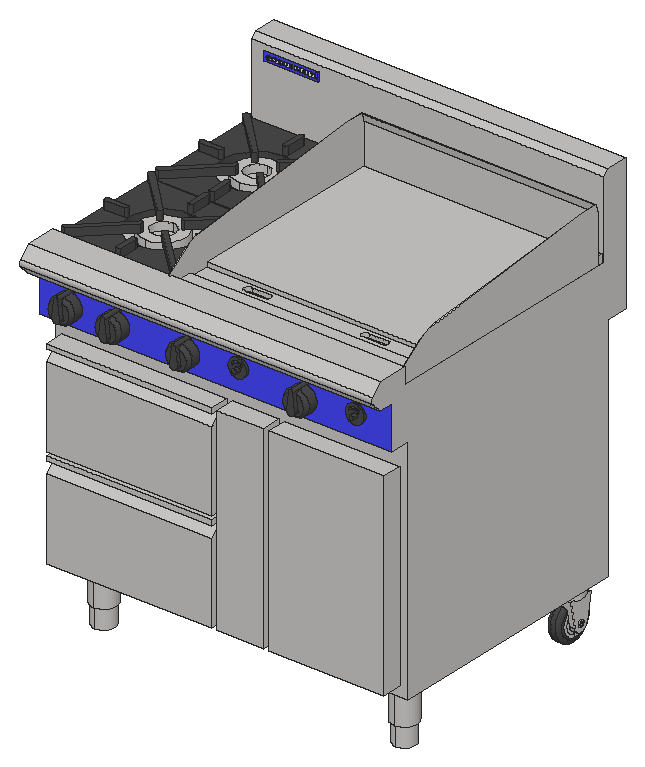
Revit family "QF_MOFFAT_BLUESEAL_CE_G516B-RB", category Specialty Equipment, Revit 2012
Parameters
  Weight in Pounds = 396  # constant formula
  Width [instance] = 900.00 mm  # constant formula
  Watts = 250 W
  Volts = 230 V
  URL Cutsheet = "www.moffat.com"
  URL = "www.moffat.com"
  Type Mark [instance] = ""
  Status [instance] = ""
  Specification by User [instance] = ""
  Specification by Manufacturer = ""
  Show Logo [instance] = yes
  Show Door [instance] = no
  Show Clearance [instance] = yes
  Show Casters [instance] = yes
  Serial Number = ""
  Seismic Rating = ""
  SMACNA No = ""
  Revision Code [instance] = ""
  Refrigerant Type = "R134a"
  Phase = 1
  Omniclass Number and Title = ""
  Number of Poles = 1
  NAFEM Spec ID Number = ""
  Model = "G516B-RB"
  Min Ckt Ampacity = 0 A
  Mechanical Remarks = ""
  Mechanical Connection Type = ""
  Max Overcurrent Protection = 0 A
  Masterspec = ""
  Manufacturer = "MOFFAT BLUESEAL"
  Legs [instance] = not(Show Casters)  # no
  Item Number [instance] = ""
  Installed By [instance] = ""
  Identify Quantity as Lot [instance] = yes
  HP = ""
  Gas Size = 3/4"
  Gas RI Height = 0.00 mm
  Gas KW = 26
  Gas Input = 89000.0 Btu/h
  Gas Connection Height = 0.00 mm
  Furnished By [instance] = ""
  Foodservice Equipment Identifier [instance] = yes
  FL Amps = 1.8 A
  Elec Conn RI Height = 0.00 mm
  Elec Conn Connection Height = 0.00 mm
  Drawer Clearance [instance] = and(Show Clearance, and(Drawer))  # yes
  Drawer [instance] = not(Show Door)  # yes
  Door Clearance [instance] = and(Show Clearance, and(Show Door))  # no
  Description = "900MM GAS COOK TOP ON REFRIGERATED BASE"
  Depth [instance] = 812.00 mm  # constant formula
  Cycle = 50 Hz
  Conn Plug = ""
  Conn Conduit = yes
  CSI MasterFormat = ""
  CSI Master Format = ""
  Back Splash [instance] = 215.00 mm  # constant formula
  Apparent Power = if(Phase = 3, Volts * FL Amps * 1.73, Volts * FL Amps)  # 414 VA
Reference planes
  plane 1 "BACK": y = 0
  plane 2: z = 0
  plane 3 "LEFT": x = 0
  plane 4 "RIGHT": x = 900
  plane 5 "FRONT": y = -812
  plane 6 "TOP": z = 970
  plane 7 "Center Y": x = 450
  plane 8 "Center X": y = -406
  plane 9 "Base Height": z = 150
  plane 10: z = 915
  plane 11: x = 65
  plane 12: x = 834
  plane 13: y = -625
  plane 14: x = 770
  plane 15: z = 655
  plane 16: y = -32
  plane 17: x = 617
  plane 18: z = 402
  plane 19: z = 1085
  plane 20: y = -100
Forms (mm)
  Extrusion 1, solid, material "QF_Finishes_Stainless Steel"
    sketch origin (0, 0, 0) x (0, 1, 0) y (0, 0, 1)
      loop
        line (-697, 150) -> (-57, 150) -> (-57, 740) -> (0, 740) -> (0, 1085) -> (-57.5, 1085) -> (-70, 1072.5) -> (-70, 875) -> (-705, 875) -> (-705, 915) -> (-783.97, 915) -> (-808.485, 890.485)
        arc (-808.485, 890.485) -> (-811.999, 882) -> (-808.485, 873.515) r 12
        line (-808.485, 873.515) -> (-784.97, 850) -> (-749, 850) -> (-749, 740) -> (-697, 740) -> (-697, 150)
    from 0 to 900
  Revolve 2, solid, material "QF_Finishes_Stainless Steel", visible <- "Legs"
    sketch origin (834, -210, 0) x (0, 1, 0) y (0, 0, -1)
      loop
        line (78.25, -150) -> (110, -150) -> (110, 0) -> (82.5, 0) -> (82.5, -50) -> (78.25, -50) -> (78.25, -150)
      axis (110, -150) -> (110, 0)
    angle from 0 to 360
  Revolve 3, solid, material "QF_Finishes_Stainless Steel"
    sketch origin (834, -735, 0) x (0, 1, 0) y (0, 0, -1)
      loop
        line (78.25, -150) -> (110, -150) -> (110, 0) -> (82.5, 0) -> (82.5, -50) -> (78.25, -50) -> (78.25, -150)
      axis (110, -150) -> (110, 0)
    angle from 0 to 360
  Revolve 4, solid, material "QF_Finishes_Stainless Steel", visible <- "Legs"
    sketch origin (65, -210, 0) x (0, 1, 0) y (0, 0, -1)
      loop
        line (78.25, -150) -> (110, -150) -> (110, 0) -> (82.5, 0) -> (82.5, -50) -> (78.25, -50) -> (78.25, -150)
      axis (110, -150) -> (110, 0)
    angle from 0 to 360
  Revolve 5, solid, material "QF_Finishes_Stainless Steel"
    sketch origin (65, -735, 0) x (0, 1, 0) y (0, 0, -1)
      loop
        line (78.25, -150) -> (110, -150) -> (110, 0) -> (82.5, 0) -> (82.5, -50) -> (78.25, -50) -> (78.25, -150)
      axis (110, -150) -> (110, 0)
    angle from 0 to 360
  Revolve 6, solid, material "QF_Finishes_Black"
    sketch origin (89.687, 0, 599.987) x (0, 1, 0) y (0, 0, -1)
      loop
        line (-789, -229.5) -> (-766, -229.5) -> (-766, -202) -> (-756, -202) -> (-756, -197) -> (-800, -197) -> (-800, -223.651) -> (-789, -229.5)
      axis (-800, -197) -> (-756, -197)
    angle from 0 to 360
  Extrusion 7, solid, material "QF_Finishes_Black"
    sketch origin (227.957, 0, 600.145) x (-1, 0, 0) y (0, 0, -1)
      loop
        line (127.85, -186.037) -> (133.271, -228.955)
        arc (133.271, -228.955) -> (138.27, -233.842) -> (143.268, -228.955) r 5
        line (143.268, -228.955) -> (148.757, -184.87)
        arc (148.757, -184.87) -> (137.685, -174.371) -> (127.85, -186.037) r 10.487
    from 759 to 808
  Extrusion 8, solid, material "QF_Finishes_Stainless Steel"
    sketch origin (0, -699, 685) x (1, 0, 0) y (0, -1, 0)
      loop
        circle (770, -667) r 13.5
    from -55 to 30
  Extrusion 9, solid, material "QF_Finishes_Stainless Steel"
    sketch origin (0, -57, 685) x (0, 0, 1) y (1, 0, 0)
      loop
        circle (-265, 620) r 13.5
    from 0 to 3.18
  Revolve 10, solid, material "QF_Finishes_Stainless Steel", visible <- "Show Casters"
    sketch origin (485.423, -100.755, -12.798) x (1, 0, 0) y (0, 0, 1)
      loop
        line (314.841, 63.604) -> (383.584, 63.604) -> (383.584, 67.109) -> (382.314, 68.379) -> (380.79, 68.379) -> (380.79, 71.826) -> (368.644, 71.826) -> (368.644, 81.79) -> (365.088, 83.843) -> (363.738, 92.179) -> (365.881, 92.179) -> (365.881, 98.529) -> (365.088, 98.529) -> (365.088, 104.879)
        arc (365.088, 104.879) -> (362.298, 111.614) -> (355.563, 114.404) r 9.525
        line (355.563, 114.404) -> (342.863, 114.404)
        arc (342.863, 114.404) -> (336.127, 111.614) -> (333.338, 104.879) r 9.525
        line (333.338, 104.879) -> (333.338, 98.529) -> (332.544, 98.529) -> (332.544, 92.179) -> (334.687, 92.179) -> (333.352, 83.932) -> (329.782, 81.871) -> (329.782, 71.826) -> (317.635, 71.826) -> (317.635, 68.379) -> (316.111, 68.379) -> (314.841, 67.109) -> (314.841, 63.604)
      axis (314.841, 63.604) -> (383.584, 63.604)
    angle from 0 to 360
  Extrusion 11, solid, material "QF_Finishes_Stainless Steel", visible <- "Show Casters"
    sketch origin (841.147, 132.353, -9.137) x (0, 1, 0) y (0, 0, 1)
      loop
        line (-200.603, 118.783) -> (-264.103, 118.783) -> (-251.746, 53.895)
        arc (-251.746, 53.895) -> (-232.353, 38.783) -> (-212.959, 53.895) r 20
        line (-212.959, 53.895) -> (-200.603, 118.783)
    from -35.667 to 22.923
  Revolve 12, solid, material "QF_Finishes_Stainless Steel", visible <- "Show Casters"
    sketch origin (834.646, -204, -0.354) x (0, 1, 0) y (0, 0, 1)
      loop
        line (68.25, 150) -> (68.25, 110) -> (104, 110) -> (104, 150) -> (68.25, 150)
      axis (104, 150) -> (104, 110)
    angle from 0 to 360
  Revolve 13, solid, material "QF_Finishes_Stainless Steel", visible <- "Show Casters"
    sketch origin (-283.577, -100.755, -12.798) x (1, 0, 0) y (0, 0, 1)
      loop
        line (314.841, 63.604) -> (383.584, 63.604) -> (383.584, 67.109) -> (382.314, 68.379) -> (380.79, 68.379) -> (380.79, 71.826) -> (368.644, 71.826) -> (368.644, 81.79) -> (365.088, 83.843) -> (363.738, 92.179) -> (365.881, 92.179) -> (365.881, 98.529) -> (365.088, 98.529) -> (365.088, 104.879)
        arc (365.088, 104.879) -> (362.298, 111.614) -> (355.563, 114.404) r 9.525
        line (355.563, 114.404) -> (342.863, 114.404)
        arc (342.863, 114.404) -> (336.127, 111.614) -> (333.338, 104.879) r 9.525
        line (333.338, 104.879) -> (333.338, 98.529) -> (332.544, 98.529) -> (332.544, 92.179) -> (334.687, 92.179) -> (333.352, 83.932) -> (329.782, 81.871) -> (329.782, 71.826) -> (317.635, 71.826) -> (317.635, 68.379) -> (316.111, 68.379) -> (314.841, 67.109) -> (314.841, 63.604)
      axis (314.841, 63.604) -> (383.584, 63.604)
    angle from 0 to 360
  Extrusion 14, solid, material "QF_Finishes_Stainless Steel", visible <- "Show Casters"
    sketch origin (72.147, 132.353, -9.137) x (0, 1, 0) y (0, 0, 1)
      loop
        line (-200.603, 118.783) -> (-264.103, 118.783) -> (-251.746, 53.895)
        arc (-251.746, 53.895) -> (-232.353, 38.783) -> (-212.959, 53.895) r 20
        line (-212.959, 53.895) -> (-200.603, 118.783)
    from -35.667 to 22.923
  Revolve 15, solid, material "QF_Finishes_Stainless Steel", visible <- "Show Casters"
    sketch origin (65.646, -204, -0.354) x (0, 1, 0) y (0, 0, 1)
      loop
        line (68.25, 150) -> (68.25, 110) -> (104, 110) -> (104, 150) -> (68.25, 150)
      axis (104, 150) -> (104, 110)
    angle from 0 to 360
  Revolve 16, solid, material "QF_Finishes_Black"
    sketch origin (210, 0, 600) x (0, 1, 0) y (0, 0, -1)
      loop
        line (-789, -229.5) -> (-766, -229.5) -> (-766, -202) -> (-756, -202) -> (-756, -197) -> (-800, -197) -> (-800, -223.651) -> (-789, -229.5)
      axis (-800, -197) -> (-756, -197)
    angle from 0 to 360
  Extrusion 17, solid, material "QF_Finishes_Black"
    sketch origin (348.27, 0, 600.158) x (-1, 0, 0) y (0, 0, -1)
      loop
        line (127.85, -186.037) -> (133.271, -228.955)
        arc (133.271, -228.955) -> (138.27, -233.842) -> (143.268, -228.955) r 5
        line (143.268, -228.955) -> (148.757, -184.87)
        arc (148.757, -184.87) -> (137.685, -174.371) -> (127.85, -186.037) r 10.487
    from 759 to 808
  Revolve 18, solid, material "QF_Finishes_Black"
    sketch origin (389.769, 0, 600) x (0, 1, 0) y (0, 0, -1)
      loop
        line (-789, -229.5) -> (-766, -229.5) -> (-766, -202) -> (-756, -202) -> (-756, -197) -> (-800, -197) -> (-800, -223.651) -> (-789, -229.5)
      axis (-800, -197) -> (-756, -197)
    angle from 0 to 360
  Extrusion 19, solid, material "QF_Finishes_Black"
    sketch origin (528.038, 0, 600.158) x (-1, 0, 0) y (0, 0, -1)
      loop
        line (127.85, -186.037) -> (133.271, -228.955)
        arc (133.271, -228.955) -> (138.27, -233.842) -> (143.268, -228.955) r 5
        line (143.268, -228.955) -> (148.757, -184.87)
        arc (148.757, -184.87) -> (137.685, -174.371) -> (127.85, -186.037) r 10.487
    from 759 to 808
  Revolve 20, solid, material "QF_Finishes_Black"
    sketch origin (689.769, 0, 600) x (0, 1, 0) y (0, 0, -1)
      loop
        line (-789, -229.5) -> (-766, -229.5) -> (-766, -202) -> (-756, -202) -> (-756, -197) -> (-800, -197) -> (-800, -223.651) -> (-789, -229.5)
      axis (-800, -197) -> (-756, -197)
    angle from 0 to 360
  Extrusion 21, solid, material "QF_Finishes_Black"
    sketch origin (828.038, 0, 600.158) x (-1, 0, 0) y (0, 0, -1)
      loop
        line (127.85, -186.037) -> (133.271, -228.955)
        arc (133.271, -228.955) -> (138.27, -233.842) -> (143.268, -228.955) r 5
        line (143.268, -228.955) -> (148.757, -184.87)
        arc (148.757, -184.87) -> (137.685, -174.371) -> (127.85, -186.037) r 10.487
    from 759 to 808
  Extrusion 22, solid, material "QF_Finishes_Black"
    sketch origin (0, -749, 866) x (0, 0, -1) y (1, 0, 0)
      loop
        circle (69, 510) r 23.9
      loop
        arc (57.701, 524.079) -> (51.116, 509.341) -> (58.919, 495.209) r 18.095
        arc (58.919, 495.209) -> (63.641, 496.491) -> (62.326, 501.204) r 3.448
        arc (62.326, 501.204) -> (58.758, 509.683) -> (61.641, 518.419) r 13.109
        arc (61.641, 518.419) -> (62.501, 523.219) -> (57.701, 524.079) r 3.448
      loop
        circle (69, 810) r 23.9
      loop
        arc (57.701, 824.079) -> (51.116, 809.341) -> (58.919, 795.209) r 18.095
        arc (58.919, 795.209) -> (63.641, 796.491) -> (62.326, 801.204) r 3.448
        arc (62.326, 801.204) -> (58.758, 809.683) -> (61.641, 818.419) r 13.109
        arc (61.641, 818.419) -> (62.501, 823.219) -> (57.701, 824.079) r 3.448
    from 0 to 5
  Extrusion 23, solid, material "QF_Finishes_Black"
    sketch origin (0, -754, 866) x (0, 0, -1) y (1, 0, 0)
      loop
        circle (72.5, 510) r 5.75
      loop
        circle (72.5, 810) r 5.75
    from 0 to 10
  Extrusion 24, solid, material "QF_Finishes_Stainless Steel"
    sketch origin (0, 0, 0) x (0, 1, 0) y (0, 0, 1)
      loop
        line (-699, 678) -> (-747, 678) -> (-747, 665) -> (-715.13, 665) -> (-749, 636.579) -> (-749, 431) -> (-699, 431) -> (-699, 678)
      loop
        line (-749, 175) -> (-699, 175) -> (-699, 421) -> (-747, 421) -> (-747, 408) -> (-715.13, 408) -> (-749, 379.579) -> (-749, 175)
    from 17.986 to 440
  Extrusion 25, solid, material "QF_Finishes_Stainless Steel"
    sketch origin (723.5, 0, 0) x (0, 1, 0) y (0, 0, 1)
      loop
        line (-699, 678) -> (-749, 678) -> (-749, 175) -> (-699, 175) -> (-699, 678)
    from -270.5 to -150.5
  Extrusion 26, solid, material "QF_Door-Drawer Clearances", visible <- "Show Clearance", detail levels coarse
    sketch origin (0, -749, 676) x (0, 0, -1) y (1, 0, 0)
      loop
        line (501, 440) -> (255, 440) -> (255, 17.986) -> (501, 17.986) -> (501, 440)
      loop
        line (245, 440) -> (-2, 440) -> (-2, 17.986) -> (245, 17.986) -> (245, 440)
    from 0 to 304.8
  Extrusion 27, solid, material "QF_Finishes_Stainless Steel"
    sketch origin (1031.5, 0, 0) x (0, 1, 0) y (0, 0, 1)
      loop
        line (-699, 678) -> (-749, 678) -> (-749, 175) -> (-699, 175) -> (-699, 678)
    from -444.5 to -150.5
Lines and regions (mm)
  Split face 1
    outline origin (0, 612.322, 1085) x (0, -1, 0) y (1, 0, 0)
      loop
        arc (657.707, 566) -> (652.707, 574.66) -> (642.707, 574.66) r 10
        line (642.707, 574.66) -> (635.707, 570.619)
        arc (635.707, 570.619) -> (632.047, 566.959) -> (630.707, 561.959) r 10
        line (630.707, 561.959) -> (630.707, 334)
        arc (630.707, 334) -> (635.707, 325.34) -> (645.707, 325.34) r 10
        line (645.707, 325.34) -> (652.707, 329.381)
        arc (652.707, 329.381) -> (656.368, 333.041) -> (657.707, 338.041) r 10
        line (657.707, 338.041) -> (657.707, 566)
  Split face 2
    outline origin (0, 612.322, 1085) x (0, -1, 0) y (1, 0, 0)
      loop
        arc (630.707, 624) -> (635.707, 615.34) -> (645.707, 615.34) r 10
        line (645.707, 615.34) -> (652.707, 619.381)
        arc (652.707, 619.381) -> (656.368, 623.041) -> (657.707, 628.041) r 10
        line (657.707, 628.041) -> (657.707, 856)
        arc (657.707, 856) -> (652.707, 864.66) -> (642.707, 864.66) r 10
        line (642.707, 864.66) -> (635.707, 860.619)
        arc (635.707, 860.619) -> (632.047, 856.959) -> (630.707, 851.959) r 10
        line (630.707, 851.959) -> (630.707, 624)
  Split face 3
    outline origin (0, 612.322, 1085) x (0, -1, 0) y (1, 0, 0)
      loop
        arc (657.707, 276) -> (652.707, 284.66) -> (642.707, 284.66) r 10
        line (642.707, 284.66) -> (635.707, 280.619)
        arc (635.707, 280.619) -> (632.047, 276.959) -> (630.707, 271.959) r 10
        line (630.707, 271.959) -> (630.707, 44)
        arc (630.707, 44) -> (635.707, 35.34) -> (645.707, 35.34) r 10
        line (645.707, 35.34) -> (652.707, 39.381)
        arc (652.707, 39.381) -> (656.368, 43.041) -> (657.707, 48.041) r 10
        line (657.707, 48.041) -> (657.707, 276)
  Split face 4
    outline origin (1031.5, -749, 676) x (0, 0, -1) y (1, 0, 0)
      loop
        line (291.62, -416.534) -> (481.62, -416.534) -> (481.62, -181.534) -> (291.62, -181.534) -> (291.62, -416.534)
  Split face 5
    outline origin (1031.5, -749, 931) x (0, 0, -1) y (1, 0, 0)
      loop
        line (291.62, -416.534) -> (356.62, -416.534) -> (356.62, -181.534) -> (291.62, -181.534) -> (291.62, -416.534)
  Split face 6
    outline origin (1031.5, -749, 807.725) x (0, 0, -1) y (1, 0, 0)
      loop
        line (307.841, -274.649) -> (342.841, -274.649) -> (342.841, -219.649) -> (307.841, -219.649) -> (307.841, -274.649)
  Split face 7
    outline origin (939.097, -749, 808.536) x (0, 0, -1) y (1, 0, 0)
      loop
        line (307.841, -274.649) -> (342.841, -274.649) -> (342.841, -239.649) -> (307.841, -239.649) -> (307.841, -274.649)
  symbolic lines
    curve 1: line (0, 0, 0) -> (0, -812, 0)
    curve 2: line (900, 0, 0) -> (0, 0, 0)
    curve 3: line (900, -812, 0) -> (900, 0, 0)
    curve 4: line (0, -812, 0) -> (900, -812, 0)
    curve 13: line (0, -783.97, 0) -> (900, -783.97, 0)
    curve 14: line (0, -70, 0) -> (900, -70, 0)
    curve 15: line (334, -18.385, 0) -> (561.959, -18.385, 0)
    curve 16: arc (561.959, -18.385, 0) -> (566.959, -19.725, 0) -> (570.619, -23.385, 0) r 10
    curve 17: line (570.619, -23.385, 0) -> (574.66, -30.385, 0)
    curve 18: arc (574.66, -30.385, 0) -> (574.66, -40.385, 0) -> (566, -45.385, 0) r 10
    curve 19: line (566, -45.385, 0) -> (338.041, -45.385, 0)
    curve 20: arc (338.041, -45.385, 0) -> (333.041, -44.045, 0) -> (329.381, -40.385, 0) r 10
    curve 21: line (329.381, -40.385, 0) -> (325.34, -33.385, 0)
    curve 22: arc (325.34, -33.385, 0) -> (325.34, -23.385, 0) -> (334, -18.385, 0) r 10
    curve 23: line (44, -18.385, 0) -> (271.959, -18.385, 0)
    curve 24: arc (271.959, -18.385, 0) -> (276.959, -19.725, 0) -> (280.619, -23.385, 0) r 10
    curve 25: line (280.619, -23.385, 0) -> (284.66, -30.385, 0)
    curve 26: arc (284.66, -30.385, 0) -> (284.66, -40.385, 0) -> (276, -45.385, 0) r 10
    curve 27: line (276, -45.385, 0) -> (48.041, -45.385, 0)
    curve 28: arc (48.041, -45.385, 0) -> (43.041, -44.045, 0) -> (39.381, -40.385, 0) r 10
    curve 29: line (39.381, -40.385, 0) -> (35.34, -33.385, 0)
    curve 30: arc (35.34, -33.385, 0) -> (35.34, -23.385, 0) -> (44, -18.385, 0) r 10
    curve 31: line (624, -18.385, 0) -> (851.959, -18.385, 0)
    curve 32: arc (851.959, -18.385, 0) -> (856.959, -19.725, 0) -> (860.619, -23.385, 0) r 10
    curve 33: line (860.619, -23.385, 0) -> (864.66, -30.385, 0)
    curve 34: arc (864.66, -30.385, 0) -> (864.66, -40.385, 0) -> (856, -45.385, 0) r 10
    curve 35: line (856, -45.385, 0) -> (628.041, -45.385, 0)
    curve 36: arc (628.041, -45.385, 0) -> (623.041, -44.045, 0) -> (619.381, -40.385, 0) r 10
    curve 37: line (619.381, -40.385, 0) -> (615.34, -33.385, 0)
    curve 38: arc (615.34, -33.385, 0) -> (615.34, -23.385, 0) -> (624, -18.385, 0) r 10
    curve 39: line (0, -57.5, 0) -> (900, -57.5, 0)
  symbolic lines, style "SpecialityEquipmentHiddenLines", visible <- "Show Casters"
    curve 5: line (875.952, -62.61, 0) -> (825.152, -150.598, 0)
    curve 6: line (848.456, -46.735, 0) -> (875.952, -62.61, 0)
    curve 7: line (797.656, -134.723, 0) -> (848.456, -46.735, 0)
    curve 8: line (825.152, -150.598, 0) -> (797.656, -134.723, 0)
    curve 9: line (106.952, -62.61, 0) -> (56.152, -150.598, 0)
    curve 10: line (79.456, -46.735, 0) -> (106.952, -62.61, 0)
    curve 11: line (28.656, -134.723, 0) -> (79.456, -46.735, 0)
    curve 12: line (56.152, -150.598, 0) -> (28.656, -134.723, 0)
  symbolic lines, style "QF_Door-Drawer Clearances"
    curve 40: line (17.986, -1053.8, 0) -> (440, -1053.8, 0)
    curve 41: line (440, -1053.8, 0) -> (440, -812, 0)
    curve 42: line (17.986, -1053.8, 0) -> (17.986, -812, 0)
Dimensions and locks
  equal spacing: plane 3 "LEFT", plane 7 "Center Y", plane 4 "RIGHT"
  "Width": plane 3 "LEFT" to plane 4 "RIGHT"
  equal spacing: plane 5 "FRONT", plane 8 "Center X", plane 1 "BACK"
  "Depth": plane 5 "FRONT" to plane 1 "BACK"
  locked: plane 10 to level at 915
  locked: plane 9 "Base Height" to level at 150
  plane 6 "TOP" to plane 10 = 55.00 mm
  plane 12 to plane 11 = 769.00 mm
  plane 6 "TOP" to level = 970.00 mm
  plane 14 to plane 4 "RIGHT" = 130.00 mm
  plane 15 to level = 655.00 mm
  plane 16 to plane 1 "BACK" = 32.00 mm
  plane 17 to plane 4 "RIGHT" = 283.00 mm
  plane 18 to level = 402.00 mm
  plane 19 to plane 2 = 1085.00 mm
  Revolve 10 sketch curve to Revolve 10 sketch curve = 50.80 mm
  Revolve 13 sketch curve to Revolve 13 sketch curve = 50.80 mm
  plane 2 to Extrusion 9 sketch curve = 420.00 mm
  aligned and locked: level to plane 2
Automatic sketch dimensions
  curve 1 to plane 3 "LEFT" = 0.00 mm
  plane 1 "BACK" to curve 3 = 0.00 mm
  curve 3 to plane 4 "RIGHT" = 0.00 mm
  plane 3 "LEFT" to curve 11 = 28.656 mm
  curve 30 to plane 16 = 1.385 mm
  curve 30 to plane 11 = 29.66 mm
  curve 30 to curve 28 = 4.041 mm
  plane 16 to curve 30 = 13.615 mm
  curve 30 to curve 30 = 8.66 mm
  curve 28 to curve 28 = 8.66 mm
  curve 9 to plane 11 = 8.848 mm
  plane 11 to curve 11 = 14.456 mm
  curve 9 to curve 23 = 165.007 mm
  curve 24 to curve 27 = 4.041 mm
  plane 16 to curve 25 = 8.615 mm
  curve 23 to curve 25 = 8.66 mm
  plane 16 to curve 26 = 1.615 mm
  curve 25 to curve 26 = 4.041 mm
  curve 22 to plane 16 = 1.385 mm
  curve 25 to curve 22 = 40.679 mm
  curve 21 to plane 16 = 8.385 mm
  curve 21 to curve 21 = 4.041 mm
  plane 16 to curve 22 = 13.615 mm
  curve 22 to curve 22 = 8.66 mm
  curve 20 to plane 16 = 3.385 mm
  curve 22 to curve 20 = 4.041 mm
  plane 16 to curve 16 = 3.615 mm
  curve 16 to plane 17 = 55.041 mm
  curve 16 to curve 19 = 4.041 mm
  plane 16 to curve 16 = 8.615 mm
  plane 16 to curve 18 = 1.615 mm
  curve 16 to curve 18 = 4.041 mm
  curve 37 to plane 17 = 1.66 mm
  plane 17 to curve 37 = 2.381 mm
  plane 17 to curve 38 = 7.00 mm
  curve 36 to plane 16 = 3.385 mm
  curve 38 to curve 36 = 4.041 mm
  plane 14 to curve 7 = 27.656 mm
  plane 12 to curve 8 = 8.848 mm
  curve 6 to plane 12 = 14.456 mm
  curve 32 to plane 12 = 17.959 mm
  curve 6 to curve 35 = 7.544 mm
  plane 16 to curve 33 = 8.615 mm
  curve 32 to curve 33 = 8.66 mm
  plane 16 to curve 33 = 1.615 mm
  curve 32 to curve 33 = 4.041 mm
  curve 13 to plane 5 "FRONT" = 28.03 mm
  plane 20 to curve 8 = 50.598 mm
  plane 20 to curve 9 = 50.598 mm
  curve 9 to curve 11 = 15.875 mm
  curve 5 to curve 7 = 15.875 mm
  curve 14 to curve 5 = 7.39 mm
  curve 14 to curve 39 = 12.50 mm
  curve 6 to curve 35 = 1.35 mm
  curve 28 to plane 16 = 13.385 mm
  curve 28 to curve 30 = 7.00 mm
  curve 38 to plane 16 = 1.385 mm
  plane 16 to curve 38 = 3.615 mm
  Extrusion 1 sketch curve to plane 10 = 0.00 mm
  Extrusion 1 sketch curve to plane 9 "Base Height" = 0.00 mm
  Extrusion 1 sketch curve to plane 19 = 0.00 mm
  Extrusion 1 sketch curve to plane 1 "BACK" = 0.00 mm
  Extrusion 1 sketch curve to plane 16 = 25.00 mm
  Extrusion 1 sketch curve to plane 16 = 25.50 mm
  Extrusion 1 sketch curve to plane 20 = 30.00 mm
  Extrusion 1 sketch curve to plane 13 = 72.00 mm
  Extrusion 1 sketch curve to plane 13 = 80.00 mm
  Extrusion 1 sketch curve to Extrusion 1 sketch curve = 44.00 mm
  Extrusion 1 sketch curve to plane 5 "FRONT" = 28.03 mm
  Extrusion 1 sketch curve to plane 5 "FRONT" = 27.03 mm
  Extrusion 1 sketch curve to plane 5 "FRONT" = 12.001 mm
  Extrusion 1 sketch curve to plane 5 "FRONT" = 3.515 mm  (x2)
  plane 15 to Extrusion 1 sketch curve = 85.00 mm  (x2)
  Extrusion 1 sketch curve to plane 10 = 65.00 mm
  Extrusion 1 sketch curve to Extrusion 1 sketch curve = 23.515 mm
  Extrusion 1 sketch curve to Extrusion 1 sketch curve = 40.00 mm
  Extrusion 1 sketch curve to Extrusion 1 sketch curve = 8.485 mm
  Extrusion 1 sketch curve to plane 19 = 12.50 mm
  Revolve 2 sketch curve to plane 9 "Base Height" = 0.00 mm
  Revolve 2 sketch curve to level = 0.00 mm
  Revolve 2 sketch curve to plane 20 = 0.00 mm  (x2)
  plane 20 to Revolve 2 sketch curve = 27.50 mm
  plane 20 to Revolve 2 sketch curve = 31.75 mm
  level to Revolve 2 sketch curve = 50.00 mm
  Revolve 2 sketch curve to Revolve 2 sketch curve = 0.00 mm
  Revolve 2 sketch curve to Revolve 2 sketch curve = 55.00 mm
  Revolve 3 sketch curve to plane 9 "Base Height" = 0.00 mm
  Revolve 3 sketch curve to level = 0.00 mm
  Revolve 3 sketch curve to plane 13 = 0.00 mm  (x2)
  Revolve 3 sketch curve to plane 13 = 27.50 mm
  Revolve 3 sketch curve to plane 13 = 31.75 mm
  level to Revolve 3 sketch curve = 50.00 mm
  Revolve 3 sketch curve to Revolve 3 sketch curve = 0.00 mm
  Revolve 3 sketch curve to Revolve 3 sketch curve = 55.00 mm
  Revolve 4 sketch curve to plane 9 "Base Height" = 0.00 mm
  Revolve 4 sketch curve to level = 0.00 mm
  Revolve 4 sketch curve to plane 20 = 0.00 mm  (x2)
  plane 20 to Revolve 4 sketch curve = 27.50 mm
  plane 20 to Revolve 4 sketch curve = 31.75 mm
  level to Revolve 4 sketch curve = 50.00 mm
  Revolve 4 sketch curve to Revolve 4 sketch curve = 0.00 mm
  Revolve 4 sketch curve to Revolve 4 sketch curve = 55.00 mm
  Revolve 5 sketch curve to plane 9 "Base Height" = 0.00 mm
  Revolve 5 sketch curve to level = 0.00 mm
  Revolve 5 sketch curve to plane 13 = 0.00 mm  (x2)
  Revolve 5 sketch curve to plane 13 = 27.50 mm
  Revolve 5 sketch curve to plane 13 = 31.75 mm
  level to Revolve 5 sketch curve = 50.00 mm
  Revolve 5 sketch curve to Revolve 5 sketch curve = 0.00 mm
  Revolve 5 sketch curve to Revolve 5 sketch curve = 55.00 mm
  Revolve 6 sketch curve to plane 5 "FRONT" = 12.00 mm
  Revolve 6 sketch curve to Revolve 6 sketch curve = 0.00 mm  (x2)
  Revolve 6 sketch curve to Revolve 6 sketch curve = 11.00 mm
  Revolve 6 sketch curve to Revolve 6 sketch curve = 12.70 mm
  Revolve 6 sketch curve to Revolve 6 sketch curve = 23.00 mm
  Revolve 6 sketch curve to Revolve 6 sketch curve = 10.00 mm
  Revolve 6 sketch curve to plane 10 = 85.513 mm
  Revolve 6 sketch curve to Revolve 6 sketch curve = 5.849 mm
  Revolve 6 sketch curve to Revolve 6 sketch curve = 27.50 mm
  Revolve 6 sketch curve to Revolve 6 sketch curve = 5.00 mm
  plane 11 to Extrusion 7 sketch curve = 35.106 mm
  plane 11 to Extrusion 7 sketch curve = 29.686 mm
  Extrusion 7 sketch curve to Extrusion 7 sketch curve = 10.419 mm
  Extrusion 7 sketch curve to Extrusion 7 sketch curve = 4.999 mm  (x2)
  Extrusion 7 sketch curve to Extrusion 7 sketch curve = 10.487 mm
  Extrusion 7 sketch curve to plane 10 = 85.899 mm
  Extrusion 7 sketch curve to Extrusion 7 sketch curve = 0.113 mm
  Extrusion 7 sketch curve to Extrusion 7 sketch curve = 42.919 mm
  Extrusion 7 sketch curve to Extrusion 7 sketch curve = 1.167 mm
  Extrusion 8 sketch curve to plane 14 = 0.00 mm
  Extrusion 8 sketch curve to plane 16 = 0.00 mm
  Extrusion 1 to Extrusion 9 sketch curve = 280.00 mm
  plane 14 to Revolve 10 sketch curve = 30.264 mm
  Revolve 10 sketch curve to Revolve 10 sketch curve = 1.27 mm  (x4)
  Revolve 10 sketch curve to Revolve 10 sketch curve = 1.524 mm  (x2)
  Revolve 10 sketch curve to Revolve 10 sketch curve = 12.146 mm  (x2)
  plane 12 to Revolve 10 sketch curve = 16.033 mm
  Revolve 10 sketch curve to Revolve 10 sketch curve = 0.794 mm  (x2)
  Revolve 10 sketch curve to Revolve 10 sketch curve = 3.57 mm
  Revolve 10 sketch curve to Revolve 10 sketch curve = 2.143 mm
  plane 12 to Revolve 10 sketch curve = 5.715 mm
  Revolve 10 sketch curve to plane 12 = 5.776 mm
  Revolve 10 sketch curve to plane 12 = 6.985 mm
  Revolve 10 sketch curve to Revolve 10 sketch curve = 8.176 mm
  Revolve 10 sketch curve to Revolve 10 sketch curve = 1.349 mm  (x2)
  Revolve 10 sketch curve to Revolve 10 sketch curve = 3.556 mm
  Revolve 10 sketch curve to plane 4 "RIGHT" = 2.327 mm
  level to Revolve 10 sketch curve = 50.806 mm
  Revolve 10 sketch curve to Revolve 10 sketch curve = 0.00 mm
  Revolve 10 sketch curve to Revolve 10 sketch curve = 3.505 mm  (x2)
  Revolve 10 sketch curve to Revolve 10 sketch curve = 3.447 mm  (x2)
  Revolve 10 sketch curve to Revolve 10 sketch curve = 9.964 mm
  Revolve 10 sketch curve to Revolve 10 sketch curve = 10.045 mm
  Revolve 10 sketch curve to Revolve 10 sketch curve = 2.053 mm
  Revolve 10 sketch curve to Revolve 10 sketch curve = 2.061 mm
  Revolve 10 sketch curve to Revolve 10 sketch curve = 8.247 mm
  Revolve 10 sketch curve to Revolve 10 sketch curve = 8.336 mm
  Revolve 10 sketch curve to Revolve 10 sketch curve = 6.35 mm  (x2)
  Extrusion 11 sketch curve to plane 20 = 0.00 mm
  plane 20 to Extrusion 11 sketch curve = 19.393 mm
  plane 20 to Extrusion 11 sketch curve = 31.75 mm
  Extrusion 11 sketch curve to plane 20 = 19.393 mm
  Extrusion 11 sketch curve to plane 20 = 31.75 mm
  level to Extrusion 11 sketch curve = 44.758 mm
  Extrusion 11 sketch curve to Extrusion 11 sketch curve = 4.889 mm
  Extrusion 11 sketch curve to plane 9 "Base Height" = 40.354 mm
  Revolve 12 sketch curve to plane 20 = 0.00 mm  (x2)
  Revolve 12 sketch curve to plane 9 "Base Height" = 0.354 mm
  Revolve 12 sketch curve to Revolve 12 sketch curve = 35.75 mm
  Revolve 12 sketch curve to Revolve 12 sketch curve = 40.00 mm
  level to Revolve 12 sketch curve = 49.646 mm
  Revolve 12 sketch curve to level = 55.354 mm
  plane 3 "LEFT" to Revolve 13 sketch curve = 31.264 mm
  Revolve 13 sketch curve to Revolve 13 sketch curve = 1.27 mm  (x4)
  Revolve 13 sketch curve to Revolve 13 sketch curve = 1.524 mm  (x2)
  Revolve 13 sketch curve to Revolve 13 sketch curve = 12.146 mm  (x2)
  Revolve 13 sketch curve to plane 11 = 16.033 mm
  Revolve 13 sketch curve to Revolve 13 sketch curve = 0.794 mm  (x2)
  Revolve 13 sketch curve to Revolve 13 sketch curve = 3.57 mm
  Revolve 13 sketch curve to Revolve 13 sketch curve = 2.143 mm
  Revolve 13 sketch curve to plane 11 = 5.715 mm
  plane 11 to Revolve 13 sketch curve = 5.776 mm
  plane 11 to Revolve 13 sketch curve = 6.985 mm
  Revolve 13 sketch curve to Revolve 13 sketch curve = 8.176 mm
  Revolve 13 sketch curve to Revolve 13 sketch curve = 1.349 mm  (x2)
  Revolve 13 sketch curve to Revolve 13 sketch curve = 3.556 mm
  Revolve 13 sketch curve to Revolve 13 sketch curve = 33.32 mm
  level to Revolve 13 sketch curve = 50.806 mm
  Revolve 13 sketch curve to Revolve 13 sketch curve = 0.00 mm
  Revolve 13 sketch curve to Revolve 13 sketch curve = 3.505 mm  (x2)
  Revolve 13 sketch curve to Revolve 13 sketch curve = 3.447 mm  (x2)
  Revolve 13 sketch curve to Revolve 13 sketch curve = 9.964 mm
  Revolve 13 sketch curve to Revolve 13 sketch curve = 10.045 mm
  Revolve 13 sketch curve to Revolve 13 sketch curve = 2.053 mm
  Revolve 13 sketch curve to Revolve 13 sketch curve = 2.061 mm
  Revolve 13 sketch curve to Revolve 13 sketch curve = 8.247 mm
  Revolve 13 sketch curve to Revolve 13 sketch curve = 8.336 mm
  Revolve 13 sketch curve to Revolve 13 sketch curve = 6.35 mm  (x2)
  Extrusion 14 sketch curve to plane 20 = 0.00 mm
  plane 20 to Extrusion 14 sketch curve = 19.393 mm
  plane 20 to Extrusion 14 sketch curve = 31.75 mm
  Extrusion 14 sketch curve to plane 20 = 19.393 mm
  Extrusion 14 sketch curve to plane 20 = 31.75 mm
  level to Extrusion 14 sketch curve = 44.758 mm
  Extrusion 14 sketch curve to Extrusion 14 sketch curve = 4.889 mm
  Extrusion 14 sketch curve to plane 9 "Base Height" = 40.354 mm
  Revolve 15 sketch curve to plane 20 = 0.00 mm  (x2)
  Revolve 15 sketch curve to plane 9 "Base Height" = 0.354 mm
  plane 20 to Revolve 15 sketch curve = 35.75 mm
  Revolve 15 sketch curve to Revolve 15 sketch curve = 40.00 mm
  level to Revolve 15 sketch curve = 49.646 mm
  Revolve 15 sketch curve to level = 55.354 mm
  Split face 1 sketch curve to Extrusion 1 = 18.385 mm
  Split face 1 sketch curve to Split face 1 sketch curve = 5.00 mm  (x2)
  Split face 1 sketch curve to Split face 1 sketch curve = 10.00 mm  (x3)
  Split face 1 sketch curve to Split face 1 sketch curve = 7.00 mm  (x4)
  Split face 1 sketch curve to Extrusion 1 = 325.34 mm
  Split face 1 sketch curve to Split face 1 sketch curve = 4.041 mm  (x2)
  Split face 1 sketch curve to Split face 1 sketch curve = 223.917 mm
  Split face 2 sketch curve to Extrusion 1 = 18.385 mm
  Split face 2 sketch curve to Split face 2 sketch curve = 5.00 mm  (x2)
  Split face 2 sketch curve to Split face 2 sketch curve = 10.00 mm  (x3)
  Split face 2 sketch curve to Split face 2 sketch curve = 7.00 mm  (x4)
  Split face 2 sketch curve to Extrusion 1 = 284.66 mm
  Split face 2 sketch curve to Split face 2 sketch curve = 4.041 mm  (x2)
  Split face 2 sketch curve to Extrusion 1 = 48.041 mm
  Split face 3 sketch curve to Extrusion 1 = 18.385 mm
  Split face 3 sketch curve to Split face 3 sketch curve = 5.00 mm  (x2)
  Split face 3 sketch curve to Split face 3 sketch curve = 10.00 mm  (x3)
  Split face 3 sketch curve to Split face 3 sketch curve = 7.00 mm  (x4)
  Split face 3 sketch curve to Extrusion 1 = 35.34 mm
  Split face 3 sketch curve to Split face 3 sketch curve = 4.041 mm  (x2)
  Split face 3 sketch curve to Split face 3 sketch curve = 223.917 mm
  Revolve 16 sketch curve to plane 5 "FRONT" = 12.00 mm
  Revolve 16 sketch curve to Revolve 16 sketch curve = 0.00 mm  (x2)
  Revolve 16 sketch curve to Revolve 16 sketch curve = 11.00 mm
  Revolve 16 sketch curve to Revolve 16 sketch curve = 12.70 mm
  Revolve 16 sketch curve to Revolve 16 sketch curve = 23.00 mm
  Revolve 16 sketch curve to Revolve 16 sketch curve = 10.00 mm
  Revolve 16 sketch curve to plane 10 = 85.50 mm
  Revolve 16 sketch curve to Revolve 16 sketch curve = 5.849 mm
  Revolve 16 sketch curve to Revolve 16 sketch curve = 27.50 mm
  Revolve 16 sketch curve to Revolve 16 sketch curve = 5.00 mm
  plane 11 to Extrusion 17 sketch curve = 155.419 mm
  Extrusion 17 sketch curve to Extrusion 17 sketch curve = 5.421 mm
  Extrusion 17 sketch curve to Extrusion 17 sketch curve = 10.419 mm
  Extrusion 17 sketch curve to Extrusion 17 sketch curve = 4.999 mm  (x2)
  Extrusion 17 sketch curve to plane 10 = 85.887 mm
  Extrusion 17 sketch curve to Extrusion 17 sketch curve = 10.487 mm
  Extrusion 17 sketch curve to Extrusion 17 sketch curve = 0.113 mm
  Extrusion 17 sketch curve to Extrusion 17 sketch curve = 42.919 mm
  Extrusion 17 sketch curve to Extrusion 17 sketch curve = 1.167 mm
  Revolve 18 sketch curve to plane 5 "FRONT" = 12.00 mm
  Revolve 18 sketch curve to Revolve 18 sketch curve = 0.00 mm  (x2)
  Revolve 18 sketch curve to Revolve 18 sketch curve = 11.00 mm
  Revolve 18 sketch curve to Revolve 18 sketch curve = 12.70 mm
  Revolve 18 sketch curve to Revolve 18 sketch curve = 23.00 mm
  Revolve 18 sketch curve to Revolve 18 sketch curve = 10.00 mm
  Revolve 18 sketch curve to plane 10 = 85.50 mm
  Revolve 18 sketch curve to Revolve 18 sketch curve = 5.849 mm
  Revolve 18 sketch curve to Revolve 18 sketch curve = 27.50 mm
  Revolve 18 sketch curve to Revolve 18 sketch curve = 5.00 mm
  Extrusion 19 sketch curve to plane 7 "Center Y" = 49.812 mm
  Extrusion 19 sketch curve to Extrusion 19 sketch curve = 5.421 mm
  Extrusion 19 sketch curve to Extrusion 19 sketch curve = 10.419 mm
  Extrusion 19 sketch curve to Extrusion 19 sketch curve = 4.999 mm  (x2)
  Extrusion 19 sketch curve to Extrusion 19 sketch curve = 10.487 mm
  Extrusion 19 sketch curve to plane 10 = 85.887 mm
  Extrusion 19 sketch curve to Extrusion 19 sketch curve = 0.113 mm
  Extrusion 19 sketch curve to Extrusion 19 sketch curve = 42.919 mm
  Extrusion 19 sketch curve to Extrusion 19 sketch curve = 1.167 mm
  Revolve 20 sketch curve to plane 5 "FRONT" = 12.00 mm
  Revolve 20 sketch curve to Revolve 20 sketch curve = 0.00 mm  (x2)
  Revolve 20 sketch curve to Revolve 20 sketch curve = 11.00 mm
  Revolve 20 sketch curve to Revolve 20 sketch curve = 12.70 mm
  Revolve 20 sketch curve to Revolve 20 sketch curve = 23.00 mm
  Revolve 20 sketch curve to Revolve 20 sketch curve = 10.00 mm
  Revolve 20 sketch curve to plane 10 = 85.50 mm
  Revolve 20 sketch curve to Revolve 20 sketch curve = 5.849 mm
  Revolve 20 sketch curve to Revolve 20 sketch curve = 27.50 mm
  Revolve 20 sketch curve to Revolve 20 sketch curve = 5.00 mm
  Extrusion 21 sketch curve to plane 14 = 69.812 mm
  Extrusion 21 sketch curve to Extrusion 21 sketch curve = 5.421 mm
  Extrusion 21 sketch curve to Extrusion 21 sketch curve = 10.419 mm
  Extrusion 21 sketch curve to Extrusion 21 sketch curve = 4.999 mm  (x2)
  Extrusion 21 sketch curve to Extrusion 21 sketch curve = 10.487 mm
  Extrusion 21 sketch curve to plane 10 = 85.887 mm
  Extrusion 21 sketch curve to Extrusion 21 sketch curve = 0.113 mm
  Extrusion 21 sketch curve to Extrusion 21 sketch curve = 42.919 mm
  Extrusion 21 sketch curve to Extrusion 21 sketch curve = 1.167 mm
  Extrusion 22 sketch curve to Extrusion 1 = 41.701 mm  (x2)
  Extrusion 22 sketch curve to Extrusion 22 sketch curve = 1.218 mm  (x2)
  Extrusion 22 sketch curve to Extrusion 22 sketch curve = 1.97 mm  (x4)
  Extrusion 22 sketch curve to Extrusion 22 sketch curve = 1.724 mm  (x2)
  Extrusion 22 sketch curve to Extrusion 22 sketch curve = 1.683 mm  (x2)
  Extrusion 22 sketch curve to Extrusion 22 sketch curve = 6.674 mm  (x2)
  Extrusion 22 sketch curve to Extrusion 22 sketch curve = 0.195 mm  (x2)
  Extrusion 22 sketch curve to Extrusion 22 sketch curve = 2.662 mm  (x2)
  Extrusion 1 to Extrusion 22 sketch curve = 404.791 mm
  Extrusion 22 sketch curve to Extrusion 22 sketch curve = 2.986 mm  (x2)
  Extrusion 22 sketch curve to Extrusion 22 sketch curve = 8.796 mm  (x2)
  Extrusion 22 sketch curve to Extrusion 22 sketch curve = 0.103 mm  (x2)
  Extrusion 22 sketch curve to Extrusion 22 sketch curve = 0.102 mm  (x2)
  Extrusion 1 to Extrusion 22 sketch curve = 104.791 mm
  Extrusion 24 sketch curve to plane 15 = 18.421 mm
  Extrusion 24 sketch curve to plane 5 "FRONT" = 63.00 mm  (x2)
  plane 9 "Base Height" to Extrusion 24 sketch curve = 25.00 mm
  plane 18 to Extrusion 24 sketch curve = 6.00 mm
  Extrusion 24 sketch curve to Extrusion 24 sketch curve = 2.00 mm  (x2)
  plane 15 to Extrusion 24 sketch curve = 10.00 mm
  Extrusion 24 sketch curve to Extrusion 24 sketch curve = 31.87 mm  (x2)
  Extrusion 24 sketch curve to Extrusion 24 sketch curve = 50.00 mm
  Extrusion 24 sketch curve to Extrusion 24 sketch curve = 0.00 mm
  Extrusion 24 sketch curve to plane 18 = 22.421 mm
  plane 18 to Extrusion 24 sketch curve = 19.00 mm
  Extrusion 24 sketch curve to Extrusion 24 sketch curve = 10.00 mm
  Extrusion 24 sketch curve to Extrusion 24 sketch curve = 13.00 mm
  plane 9 "Base Height" to Extrusion 25 sketch curve = 25.00 mm
  Extrusion 25 sketch curve to plane 5 "FRONT" = 63.00 mm
  Extrusion 25 sketch curve to Extrusion 25 sketch curve = 50.00 mm
  plane 15 to Extrusion 25 sketch curve = 23.00 mm
  Extrusion 26 sketch curve to Extrusion 24 = 0.00 mm  (x3)
  Extrusion 24 to Extrusion 26 sketch curve = 0.00 mm  (x2)
  Extrusion 24 to Extrusion 26 sketch curve = 41.421 mm
  Extrusion 24 to Extrusion 26 sketch curve = 10.00 mm
  Extrusion 26 sketch curve to Extrusion 26 sketch curve = 246.00 mm
  plane 9 "Base Height" to Extrusion 27 sketch curve = 25.00 mm
  Extrusion 27 sketch curve to plane 5 "FRONT" = 63.00 mm
  Extrusion 27 sketch curve to Extrusion 27 sketch curve = 50.00 mm
  plane 15 to Extrusion 27 sketch curve = 23.00 mm
  Split face 4 sketch curve to Extrusion 27 = 31.034 mm
  Split face 4 sketch curve to Extrusion 27 = 209.38 mm
  Split face 4 sketch curve to Extrusion 27 = 19.38 mm
  Split face 4 sketch curve to Extrusion 27 = 27.966 mm
  Split face 5 sketch curve to Extrusion 27 = 38.62 mm
  Split face 5 sketch curve to Extrusion 27 = 27.966 mm
  Split face 5 sketch curve to Split face 5 sketch curve = 65.00 mm
  Split face 5 sketch curve to Extrusion 27 = 31.034 mm
  Split face 6 sketch curve to Extrusion 27 = 69.149 mm
  Split face 6 sketch curve to Extrusion 27 = 178.116 mm
  Split face 6 sketch curve to Split face 6 sketch curve = 35.00 mm
  Split face 6 sketch curve to Split face 6 sketch curve = 55.00 mm
  Split face 7 sketch curve to Extrusion 27 = 177.305 mm
  Split face 7 sketch curve to Split face 7 sketch curve = 35.00 mm  (x2)
  Split face 7 sketch curve to Extrusion 27 = 77.448 mm
  plane 5 "FRONT" to curve 41 = 0.00 mm
  plane 3 "LEFT" to curve 42 = 17.986 mm
  curve 41 to plane 7 "Center Y" = 10.00 mm
  curve 40 to curve 42 = 241.80 mm
  radius of Extrusion 8 sketch curve = 13.50 mm
  radius of Extrusion 9 sketch curve = 13.50 mm
  radius of Extrusion 22 sketch curve = 23.90 mm  (x2)
Nested families
  nested 1: "WALDORF LOGO_FACE BASE" at (32, -70, 1056.885) x (1, 0, 0) z (0, -1, 0), visible <- "Show Logo", type "WALDORF LOGO_FACE BASE", detail levels medium+fine
    with Show Logo yes
  nested 2: "GAS BURNER300 & GRIDDLE 600" at (-1, -73, 875), type "GAS BURNER300 & GRIDDLE 600"
    with Width 900.00 mm, Type Mark "", Status "", Specification by User "", Revision Code "", Item Number "", Installed By "", Identify Quantity as Lot yes, Furnished By "", Foodservice Equipment Identifier yes, Depth 635.00 mm
Connectors
  piping at (770, -32, 655)
    settings: on Extrusion 8, index 1, connector radius 0.37402", flow factor 0, pipe flow 0 GPM, pressure drop 0.00 psi, fitting loss kfactor 0, connector angle 0.00°, fixture units 0, engagement length 0.00 mm, flow configuration 1, flow direction 1, fitting loss method 0, system type 7, joint type 0, gender type 0, connector reference index -1, connector utility 0, adjustable connector no, is connector primary yes, fitting loss table "", connector description "GAS CONNECTION"
  electrical at (620, -53.82, 420), driven by "Volts", driven by "Watts"
    settings: on Extrusion 9, index 2, voltage 230 V, apparent load 250 VA, apparent load phase1 0 VA, apparent load phase2 0 VA, apparent load phase3 0 VA, power factor 1, load classification "Other", number of poles 1, system type 30, power factor state 1, is connector primary yes, connector utility no, sub classification motor no, connector description "ELECTRICAL CONNECTION"
Definition of nested family "WALDORF LOGO_FACE BASE"
  Parameters (values of type "WALDORF LOGO_FACE BASE")
    Show Logo [instance] = yes
    Default Elevation = 1219.20 mm
  Reference planes
    plane 1 "Center (Front/Back)": y = 0
    plane 2: z = 0
    plane 3 "Center (Left/Right)": x = 0
  Forms (mm)
    Extrusion 1, solid
      sketch origin (0, 0, 0) x (1, 0, 0) y (0, 1, 0)
        loop
          line (-1219.2, 1219.2) -> (-1219.2, -1219.2) -> (1219.2, -1219.2) -> (1219.2, 1219.2) -> (-1219.2, 1219.2)
      from 0 to -304.8
    Extrusion 2, solid, material "QF_Finishes_Blue", visible <- "Show Logo"
      sketch origin (0, -33.217, 0) x (1, 0, 0) y (0, 1, 0)
        loop
          arc (138, 31.942) -> (137.626, 32.844) -> (136.724, 33.217) r 1.276
          line (136.724, 33.217) -> (1.29, 33.217)
          arc (1.29, 33.217) -> (0.378, 32.839) -> (0, 31.927) r 1.29
          line (0, 31.927) -> (0, 11.507)
          arc (0, 11.507) -> (0.378, 10.595) -> (1.29, 10.217) r 1.29
          line (1.29, 10.217) -> (136.71, 10.217)
          arc (136.71, 10.217) -> (137.622, 10.595) -> (138, 11.507) r 1.29
          line (138, 11.507) -> (138, 31.942)
      from 0 to 1.588
    Extrusion 3, solid, material "QF_Finishes_White", visible <- "Show Logo"
      sketch origin (0, -33.217, 1.588) x (1, 0, 0) y (0, 1, 0)
        loop
          arc (108.946, 25.919) -> (107.613, 25.367) -> (107.061, 24.034) r 1.885
          line (107.061, 24.034) -> (107.061, 17.211) -> (112.704, 17.211) -> (112.704, 19.129) -> (115.546, 19.129) -> (115.546, 17.211) -> (121.584, 17.211) -> (121.584, 24.075)
          arc (121.584, 24.075) -> (121.043, 25.379) -> (119.739, 25.919) r 1.845
          line (119.739, 25.919) -> (108.946, 25.919)
        loop
          line (123.478, 25.919) -> (123.478, 17.163) -> (134.904, 17.163) -> (134.904, 19.129) -> (129.246, 19.129) -> (129.246, 25.919) -> (123.478, 25.919)
        loop
          line (112.704, 21.258) -> (115.546, 21.258) -> (115.546, 22.702)
          arc (115.546, 22.702) -> (115.344, 23.188) -> (114.858, 23.389) r 0.687
          line (114.858, 23.389) -> (113.363, 23.389)
          arc (113.363, 23.389) -> (112.897, 23.196) -> (112.704, 22.73) r 0.658
          line (112.704, 22.73) -> (112.704, 21.258)
        loop
          line (105.071, 25.919) -> (93.771, 25.919) -> (93.771, 17.163) -> (105.071, 17.163) -> (105.071, 19.063) -> (99.535, 19.063) -> (99.535, 20.437) -> (105.071, 20.437) -> (105.071, 22.278) -> (99.535, 22.278) -> (99.535, 23.587) -> (105.071, 23.587) -> (105.071, 25.919)
        loop
          line (91.104, 25.919) -> (79.541, 25.919)
          arc (79.541, 25.919) -> (78.558, 25.513) -> (78.152, 24.53) r 1.389
          line (78.152, 24.53) -> (78.152, 22.08)
          arc (78.152, 22.08) -> (78.558, 21.098) -> (79.541, 20.691) r 1.389
          line (79.541, 20.691) -> (86.346, 20.691) -> (86.346, 18.864) -> (83.266, 18.864) -> (83.266, 19.664) -> (78.152, 19.664) -> (78.152, 18.553)
          arc (78.152, 18.553) -> (78.558, 17.57) -> (79.541, 17.163) r 1.389
          line (79.541, 17.163) -> (91.063, 17.163)
          arc (91.063, 17.163) -> (92.045, 17.57) -> (92.452, 18.553) r 1.389
          line (92.452, 18.553) -> (92.452, 20.691)
          arc (92.452, 20.691) -> (92.045, 21.673) -> (91.063, 22.08) r 1.389
          line (91.063, 22.08) -> (83.266, 22.08) -> (83.266, 23.984) -> (86.346, 23.984) -> (86.346, 22.743) -> (92.452, 22.743) -> (92.452, 24.571)
          arc (92.452, 24.571) -> (92.057, 25.524) -> (91.104, 25.919) r 1.348
        loop
          line (70.705, 25.919) -> (59.405, 25.919) -> (59.405, 17.163) -> (70.705, 17.163) -> (70.705, 19.063) -> (65.169, 19.063) -> (65.169, 20.437) -> (70.705, 20.437) -> (70.705, 22.278) -> (65.169, 22.278) -> (65.169, 23.587) -> (70.705, 23.587) -> (70.705, 25.919)
        loop
          line (57.598, 25.919) -> (51.7, 25.919) -> (51.7, 20.18)
          arc (51.7, 20.18) -> (50.63, 19.11) -> (49.56, 20.18) r 1.07
          line (49.56, 20.18) -> (49.56, 25.919) -> (43.663, 25.919) -> (43.663, 19.049)
          arc (43.663, 19.049) -> (44.215, 17.716) -> (45.548, 17.163) r 1.885
          line (45.548, 17.163) -> (55.71, 17.163)
          arc (55.71, 17.163) -> (57.045, 17.716) -> (57.598, 19.051) r 1.887
          line (57.598, 19.051) -> (57.598, 25.919)
        loop
          line (31.62, 25.919) -> (31.62, 17.163) -> (43.046, 17.163) -> (43.046, 19.129) -> (37.388, 19.129) -> (37.388, 25.919) -> (31.62, 25.919)
        loop
          line (15.969, 25.919) -> (15.969, 17.163) -> (28.693, 17.163)
          arc (28.693, 17.163) -> (29.812, 17.627) -> (30.276, 18.746) r 1.582
          line (30.276, 18.746) -> (30.276, 20.447) -> (29.48, 21.243) -> (30.276, 22.039) -> (30.276, 24.332)
          arc (30.276, 24.332) -> (29.811, 25.454) -> (28.688, 25.919) r 1.587
          line (28.688, 25.919) -> (15.969, 25.919)
        loop
          line (21.449, 24.159) -> (21.449, 22.436) -> (23.862, 22.436)
          arc (23.862, 22.436) -> (24.723, 23.298) -> (23.862, 24.159) r 0.861
          line (23.862, 24.159) -> (21.449, 24.159)
        loop
          line (21.449, 20.244) -> (21.449, 18.522) -> (23.862, 18.522)
          arc (23.862, 18.522) -> (24.723, 19.383) -> (23.862, 20.244) r 0.861
          line (23.862, 20.244) -> (21.449, 20.244)
      from 0 to 0.2
    Extrusion 4, solid, material "QF_Finishes_Blue", visible <- "Show Logo"
      sketch origin (-126.498, -31.09, 1.588) x (1, 0, 0) y (0, 1, 0)
        loop
          line (136.738, 23.522) -> (136.738, 15.1)
          arc (136.738, 15.1) -> (140.756, 19.311) -> (136.738, 23.522) r 4.216
      from 0 to 0.2
    Extrusion 5, solid, material "QF_Finishes_Red", visible <- "Show Logo"
      sketch origin (146.849, -31.09, 1.588) x (-1, 0, 0) y (0, -1, 0)
        loop
          arc (136.738, -23.522) -> (140.756, -19.311) -> (136.738, -15.1) r 4.216
          line (136.738, -15.1) -> (136.738, -23.522)
      from 0 to 0.2
  Lines and regions (mm)
    Split face 1
      outline origin (-90.35, -30.793, 1.588) x (1, 0, 0) y (0, 1, 0)
        loop
          circle (100.54, 19.013) r 4.536
  Dimensions and locks
    aligned and locked: plane 2 to Extrusion 1
    aligned and locked: level to Extrusion 1
Definition of nested family "GAS BURNER300 & GRIDDLE 600"
  Parameters (values of type "GAS BURNER300 & GRIDDLE 600")
    Width [instance] = 900.00 mm
    Weight in Pounds = 0
    URL Cutsheet = ""
    Type Mark [instance] = ""
    Status [instance] = ""
    Specification by User [instance] = ""
    Specification by Manufacturer = ""
    Serial Number = ""
    Seismic Rating = ""
    SMACNA No = ""
    Revision Code [instance] = ""
    Omniclass Number and Title = ""
    NAFEM Spec ID Number = ""
    Masterspec = ""
    Item Number [instance] = ""
    Installed By [instance] = ""
    Identify Quantity as Lot [instance] = yes
    Furnished By [instance] = ""
    Foodservice Equipment Identifier [instance] = yes
    Depth [instance] = 635.00 mm
    CSI MasterFormat = ""
    CSI Master Format = ""
  Reference planes
    plane 1 "BACK": y = 0
    plane 2: z = 0
    plane 3 "LEFT": x = 0
    plane 4 "RIGHT": x = 900
    plane 5 "FRONT": y = -635
    plane 6 "TOP": z = 142.5
    plane 7 "Center Y": x = 450
    plane 8 "Center X": y = -317.5
  Forms (mm)
    Extrusion 1, solid, material "QF_Finishes_Black"
      sketch origin (0, 0, 0) x (0, -1, 0) y (1, 0, 0)
        loop
          line (318.5, 4) -> (318.5, 296)
          arc (318.5, 296) -> (317.621, 298.121) -> (315.5, 299) r 3
          line (315.5, 299) -> (3, 299)
          arc (3, 299) -> (0.879, 298.121) -> (0, 296) r 3
          line (0, 296) -> (0, 4)
          arc (0, 4) -> (0.879, 1.879) -> (3, 1) r 3
          line (3, 1) -> (315.5, 1)
          arc (315.5, 1) -> (317.621, 1.879) -> (318.5, 4) r 3
        loop
          line (324.5, 1) -> (632, 1)
          arc (632, 1) -> (634.121, 1.879) -> (635, 4) r 3
          line (635, 4) -> (635, 296)
          arc (635, 296) -> (634.121, 298.121) -> (632, 299) r 3
          line (632, 299) -> (324.5, 299)
          arc (324.5, 299) -> (322.379, 298.121) -> (321.5, 296) r 3
          line (321.5, 296) -> (321.5, 4)
          arc (321.5, 4) -> (322.379, 1.879) -> (324.5, 1) r 3
        loop
          circle (168.5, 149.991) r 84.082
        loop
          circle (468.5, 149.991) r 84.082
      from 0 to 19.5
    Extrusion 2, solid, material "QF_Finishes_Black"
      sketch origin (0, 0, 19.5) x (0, -1, 0) y (1, 0, 0)
        loop
          spline (326.102, 15.153) -> (325.181, 13.924) -> (324.631, 12.47) -> (324.49, 10.89) -> (324.767, 9.292) -> (325.443, 7.786) -> (326.473, 6.473) -> (327.786, 5.443) -> (329.292, 4.767) -> (330.89, 4.49) -> (332.47, 4.631) -> (333.924, 5.181) -> (335.153, 6.102)
          line (335.153, 6.102) -> (443.076, 114.025)
          spline (443.076, 114.025) -> (443.837, 115.095) -> (444.238, 116.399) -> (444.251, 117.851) -> (443.875, 119.35) -> (443.137, 120.795) -> (442.086, 122.086) -> (440.795, 123.137) -> (439.35, 123.875) -> (437.851, 124.251) -> (436.399, 124.238) -> (435.095, 123.837) -> (434.025, 123.076)
          line (434.025, 123.076) -> (326.102, 15.153)
        loop
          spline (328.898, 156.4) -> (327.604, 156.182) -> (326.398, 155.543) -> (325.362, 154.525) -> (324.568, 153.2) -> (324.068, 151.656) -> (323.898, 150) -> (324.068, 148.344) -> (324.568, 146.8) -> (325.362, 145.475) -> (326.398, 144.457) -> (327.604, 143.818) -> (328.898, 143.6)
          line (328.898, 143.6) -> (378.102, 143.6)
          spline (378.102, 143.6) -> (379.396, 143.818) -> (380.602, 144.457) -> (381.638, 145.475) -> (382.432, 146.8) -> (382.932, 148.344) -> (383.102, 150) -> (382.932, 151.656) -> (382.432, 153.2) -> (381.638, 154.525) -> (380.602, 155.543) -> (379.396, 156.182) -> (378.102, 156.4)
          line (378.102, 156.4) -> (328.898, 156.4)
        loop
          spline (335.153, 293.898) -> (334.084, 294.659) -> (332.779, 295.059) -> (331.328, 295.072) -> (329.829, 294.697) -> (328.384, 293.959) -> (327.092, 292.908) -> (326.041, 291.616) -> (325.303, 290.171) -> (324.928, 288.672) -> (324.941, 287.221) -> (325.341, 285.916) -> (326.102, 284.847)
          line (326.102, 284.847) -> (434.025, 176.924)
          spline (434.025, 176.924) -> (435.095, 176.163) -> (436.399, 175.762) -> (437.851, 175.749) -> (439.35, 176.125) -> (440.795, 176.863) -> (442.086, 177.914) -> (443.137, 179.205) -> (443.875, 180.65) -> (444.251, 182.149) -> (444.238, 183.601) -> (443.837, 184.905) -> (443.076, 185.975)
          line (443.076, 185.975) -> (335.153, 293.898)
        loop
          line (463.6, 291.102) -> (463.6, 241.898)
          spline (463.6, 241.898) -> (463.818, 240.604) -> (464.457, 239.398) -> (465.475, 238.362) -> (466.8, 237.568) -> (468.344, 237.068) -> (470, 236.898) -> (471.656, 237.068) -> (473.2, 237.568) -> (474.525, 238.362) -> (475.543, 239.398) -> (476.182, 240.604) -> (476.4, 241.898)
          line (476.4, 241.898) -> (476.4, 291.102)
          spline (476.4, 291.102) -> (476.182, 292.396) -> (475.543, 293.602) -> (474.525, 294.638) -> (473.2, 295.432) -> (471.656, 295.932) -> (470, 296.102) -> (468.344, 295.932) -> (466.8, 295.432) -> (465.475, 294.638) -> (464.457, 293.602) -> (463.818, 292.396) -> (463.6, 291.102)
        loop
          spline (612.398, 284.847) -> (613.159, 285.916) -> (613.559, 287.221) -> (613.572, 288.672) -> (613.197, 290.171) -> (612.459, 291.616) -> (611.408, 292.908) -> (610.116, 293.959) -> (608.671, 294.697) -> (607.172, 295.072) -> (605.721, 295.059) -> (604.416, 294.659) -> (603.347, 293.898)
          line (603.347, 293.898) -> (496.924, 185.975)
          spline (496.924, 185.975) -> (496.163, 184.905) -> (495.762, 183.601) -> (495.749, 182.149) -> (496.125, 180.65) -> (496.863, 179.205) -> (497.914, 177.914) -> (499.205, 176.863) -> (500.65, 176.125) -> (502.149, 175.749) -> (503.601, 175.762) -> (504.905, 176.163) -> (505.975, 176.924)
          line (505.975, 176.924) -> (612.398, 284.847)
        loop
          spline (609.602, 143.6) -> (610.896, 143.818) -> (612.102, 144.457) -> (613.138, 145.475) -> (613.932, 146.8) -> (614.432, 148.344) -> (614.602, 150) -> (614.432, 151.656) -> (613.932, 153.2) -> (613.138, 154.525) -> (612.102, 155.543) -> (610.896, 156.182) -> (609.602, 156.4)
          line (609.602, 156.4) -> (561.898, 156.4)
          spline (561.898, 156.4) -> (560.604, 156.182) -> (559.398, 155.543) -> (558.362, 154.525) -> (557.568, 153.2) -> (557.068, 151.656) -> (556.898, 150) -> (557.068, 148.344) -> (557.568, 146.8) -> (558.362, 145.475) -> (559.398, 144.457) -> (560.604, 143.818) -> (561.898, 143.6)
          line (561.898, 143.6) -> (609.602, 143.6)
        loop
          line (612.398, 15.153) -> (505.975, 123.076)
          spline (505.975, 123.076) -> (504.905, 123.837) -> (503.601, 124.238) -> (502.149, 124.251) -> (500.65, 123.875) -> (499.205, 123.137) -> (497.914, 122.086) -> (496.863, 120.795) -> (496.125, 119.35) -> (495.749, 117.851) -> (495.762, 116.399) -> (496.163, 115.095) -> (496.924, 114.025)
          line (496.924, 114.025) -> (603.347, 6.102)
          spline (603.347, 6.102) -> (604.416, 5.341) -> (605.721, 4.941) -> (607.172, 4.928) -> (608.671, 5.303) -> (610.116, 6.041) -> (611.408, 7.092) -> (612.459, 8.384) -> (613.197, 9.829) -> (613.572, 11.328) -> (613.559, 12.779) -> (613.159, 14.084) -> (612.398, 15.153)
        loop
          line (476.4, 8.898) -> (476.4, 58.102)
          spline (476.4, 58.102) -> (476.182, 59.396) -> (475.543, 60.602) -> (474.525, 61.638) -> (473.2, 62.432) -> (471.656, 62.932) -> (470, 63.102) -> (468.344, 62.932) -> (466.8, 62.432) -> (465.475, 61.638) -> (464.457, 60.602) -> (463.818, 59.396) -> (463.6, 58.102)
          line (463.6, 58.102) -> (463.6, 8.898)
          spline (463.6, 8.898) -> (463.818, 7.604) -> (464.457, 6.398) -> (465.475, 5.362) -> (466.8, 4.568) -> (468.344, 4.068) -> (470, 3.898) -> (471.656, 4.068) -> (473.2, 4.568) -> (474.525, 5.362) -> (475.543, 6.398) -> (476.182, 7.604) -> (476.4, 8.898)
        loop
          spline (22.602, 15.153) -> (21.681, 13.924) -> (21.131, 12.47) -> (20.99, 10.89) -> (21.267, 9.292) -> (21.943, 7.786) -> (22.973, 6.473) -> (24.286, 5.443) -> (25.792, 4.767) -> (27.39, 4.49) -> (28.97, 4.631) -> (30.424, 5.181) -> (31.653, 6.102)
          line (31.653, 6.102) -> (139.576, 114.025)
          spline (139.576, 114.025) -> (140.337, 115.095) -> (140.738, 116.399) -> (140.751, 117.851) -> (140.375, 119.35) -> (139.637, 120.795) -> (138.586, 122.086) -> (137.295, 123.137) -> (135.85, 123.875) -> (134.351, 124.251) -> (132.899, 124.238) -> (131.595, 123.837) -> (130.525, 123.076)
